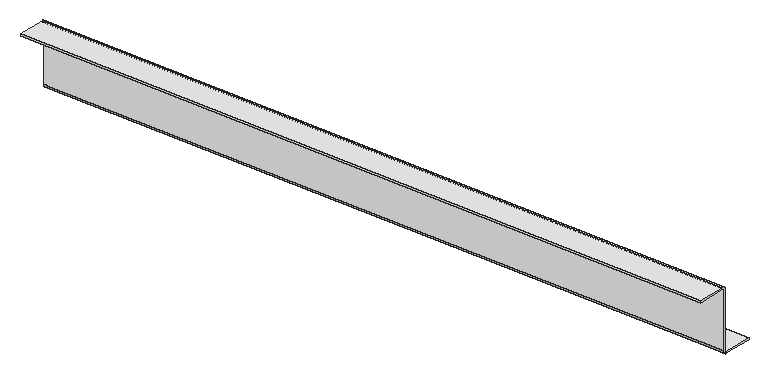
Revit family "Manômetro de luz - Perfis em Z", category Quadro estrutural, Revit 2019
Family settings
  Arredondamento do comprimento do framing estrutural = 1 mm
  Forma do corte = Não definido
  Material para o comportamento do modelo = Aço
  Exportar sempre como geometria = Não
  Sempre na vertical = Sim
  Corte com vazios quando carregada = Não
  Representação simbólica = Das configurações de projeto
  Compartilhado = Não
  Exibir o pré-corte da família na vista da planta = Sim
Parameters (values of type "Z100x50x2.28")
  t = 2.3 mm
  r = R - t  # 2.3 mm
  W = 0.00342
  Comentários de tipos = "GB/T 6723-2008"
  Structural Material [instance] = Aço leve galvaniado
  R = 2 * t  # 4.6 mm
  H = 100 mm
  B = 50 mm
  Código de montagem = "B10"
  Length [instance] = 1500 mm
  A = 436.00 mm²
Reference planes
  plane 1 "Centro (Frente/Trás)": y = 0
  plane 2: z = 0
  plane 3 "Centro (Esquerda/Direita)": x = 0.008
  plane 4 "Membro esquerdo": x = -556.99
  plane 5 "Membro direito": x = 566.21
  plane 6 "Superior": z = 50
  plane 7: z = -50
  plane 8 "Esquerda": x = -757.39
  plane 9 "Direita": x = 742.61
  plane 10: y = -48.85
  plane 11: y = 48.85
  plane 12: z = 47.7
  plane 13: y = -1.15
  plane 14: y = 1.15
  plane 15: z = -47.7
Forms (mm)
  Sweep 1, solid, material "Aço leve galvaniado" <- "Structural Material", detail levels fine
    path origin (0, 0, 0) x (1, 0, 0) y (0, 1, 0)
      loop
        line (-556.99, 0) -> (566.21, 0)
    profile origin (4.61, 0, 0) x (0, 1, 0) y (0, 0, 1)
      loop
        line (-3.45, 50) -> (-48.85, 50) -> (-48.85, 47.7) -> (-3.45, 47.7)
        arc (-3.45, 47.7) -> (-1.824, 47.026) -> (-1.15, 45.4) r 2.3
        line (-1.15, 45.4) -> (-1.15, -45.4)
        arc (-1.15, -45.4) -> (0.197, -48.653) -> (3.45, -50) r 4.6
        line (3.45, -50) -> (48.85, -50) -> (48.85, -47.7) -> (3.45, -47.7)
        arc (3.45, -47.7) -> (1.824, -47.026) -> (1.15, -45.4) r 2.3
        line (1.15, -45.4) -> (1.15, 45.4)
        arc (1.15, 45.4) -> (-0.197, 48.653) -> (-3.45, 50) r 4.6
  Sweep 2, solid, material "Aço leve galvaniado" <- "Structural Material", detail levels medium
    path origin (0, 0, 0) x (1, 0, 0) y (0, 1, 0)
      loop
        line (-556.99, 0) -> (566.21, 0)
    profile origin (4.61, 0, 0) x (0, 1, 0) y (0, 0, 1)
      loop
        line (1.15, 50) -> (-48.85, 50) -> (-48.85, 47.7) -> (-1.15, 47.7) -> (-1.15, -50) -> (48.85, -50) -> (48.85, -47.7) -> (1.15, -47.7) -> (1.15, 50)
Lines and regions (mm)
  symbolic lines, style "Faces ocultas", detail levels medium+fine
    curve 1: line (-556.99, 4.763, 47.7) -> (566.21, 4.763, 47.7)
    curve 2: line (-556.99, 4.763, -47.7) -> (566.21, 4.763, -47.7)
    curve 6: line (-556.99, 1.15, 0) -> (566.21, 1.15, 0)
    curve 7: line (-556.99, -1.15, 0) -> (566.21, -1.15, 0)
  symbolic lines, style "Símbolos de vara", detail levels coarse
    curve 3: line (-757.39, 48.85, -50) -> (-757.39, 0, -50)
    curve 4: line (-757.39, 0, -50) -> (-757.39, 0, 50)
    curve 5: line (-757.39, 0, 50) -> (-757.39, -48.85, 50)
Dimensions and locks
  "Length": plane 8 "Esquerda" to plane 9 "Direita"
  "H": plane 7 to plane 6 "Superior"
  equal spacing: plane 7, level, plane 6 "Superior"
  "t": plane 6 "Superior" to plane 12
  "t": plane 14 to plane 13
  "t": plane 15 to plane 7
  equal spacing: plane 14, plane 1 "Centro (Frente/Trás)", plane 13
  "B": plane 11 to plane 13
  "B": plane 14 to plane 10
  "r": radius of Sweep 1 sketch curve  (x2)
  "R": radius of Sweep 1 sketch curve  (x2)
  aligned and locked: level to plane 2
  aligned and locked: plane 6 "Superior" to curve 5
  aligned and locked: plane 1 "Centro (Frente/Trás)" to curve 4
  aligned and locked: plane 7 to curve 3
  aligned and locked: plane 14 to curve 6
  aligned and locked: plane 13 to curve 7
  aligned and locked: plane 1 "Centro (Frente/Trás)" to Sweep 1 sketch curve
  aligned and locked: plane 12 to Sweep 1 sketch curve
  aligned and locked: plane 6 "Superior" to Sweep 1 sketch curve
  aligned and locked: plane 14 to Sweep 1 sketch curve
  aligned and locked: Sweep 1 sketch curve to plane 13
  aligned and locked: Sweep 1 sketch curve to plane 7
  aligned and locked: Sweep 1 sketch curve to plane 15
  aligned and locked: plane 1 "Centro (Frente/Trás)" to Sweep 2 sketch curve
  aligned and locked: plane 6 "Superior" to Sweep 2 sketch curve
  aligned and locked: plane 14 to Sweep 2 sketch curve
  aligned and locked: Sweep 2 sketch curve to plane 13
  aligned and locked: plane 12 to Sweep 2 sketch curve
  aligned and locked: Sweep 2 sketch curve to plane 15
  aligned and locked: Sweep 2 sketch curve to plane 7
  aligned and locked: curve 1 to plane 12
  aligned and locked: curve 2 to plane 15
  aligned and locked: Sweep 2 sketch curve to plane 10
  aligned and locked: plane 11 to Sweep 2 sketch curve
  aligned and locked: Sweep 1 sketch curve to Sweep 2  (x2)
  aligned and locked: plane 11 to curve 3
  aligned and locked: plane 10 to curve 5
  aligned and locked: plane 4 "Membro esquerdo" to Sweep 1 sketch curve
  aligned and locked: plane 5 "Membro direito" to Sweep 1 sketch curve
  aligned and locked: plane 4 "Membro esquerdo" to Sweep 2 sketch curve
  aligned and locked: plane 5 "Membro direito" to Sweep 2 sketch curve
  aligned and locked: plane 4 "Membro esquerdo" to curve 1
  aligned and locked: plane 5 "Membro direito" to curve 1
  aligned and locked: plane 4 "Membro esquerdo" to curve 2
  aligned and locked: plane 5 "Membro direito" to curve 2
  aligned and locked: plane 4 "Membro esquerdo" to curve 6
  aligned and locked: plane 5 "Membro direito" to curve 6
  aligned and locked: plane 4 "Membro esquerdo" to curve 7
  aligned and locked: plane 5 "Membro direito" to curve 7
Types in the file's own list only (56): name | t | r | W | R | H | B | A
  Z50x25x1.52 | 2 mm | 2 mm | 0.00112 | 3 mm | 50 mm | 25 mm | 143.00 mm²
  Z50x25x1.90 | 2 mm | 2 mm | 0.00138 | 4 mm | 50 mm | 25 mm | 176.00 mm²
  Z50x25x2.28 | 2 mm | 2 mm | 0.00163 | 5 mm | 50 mm | 25 mm | 208.00 mm²
  Z50x25x2.66 | 3 mm | 3 mm | 0.00187 | 5 mm | 50 mm | 25 mm | 238.00 mm²
  Z50x25x3.04 | 3 mm | 3 mm | 0.0021 | 6 mm | 50 mm | 25 mm | 268.00 mm²
  Z75x40x1.52 | 2 mm | 2 mm | 0.00178 | 3 mm | 75 mm | 40 mm | 227.00 mm²
  Z75x40x1.90 | 2 mm | 2 mm | 0.0022 | 4 mm | 75 mm | 40 mm | 280.00 mm²
  Z75x40x2.28 | 2 mm | 2 mm | 0.00261 | 5 mm | 75 mm | 40 mm | 333.00 mm²
  Z75x40x2.66 | 3 mm | 3 mm | 0.00302 | 5 mm | 75 mm | 40 mm | 385.00 mm²
  Z75x40x3.04 | 3 mm | 3 mm | 0.00342 | 6 mm | 75 mm | 40 mm | 435.00 mm²
  Z75x40x3.42 | 3 mm | 3 mm | 0.0038 | 7 mm | 75 mm | 40 mm | 484.00 mm²
  Z75x40x3.80 | 4 mm | 4 mm | 0.00418 | 8 mm | 75 mm | 40 mm | 532.00 mm²
  Z75x40x4.18 | 4 mm | 4 mm | 0.00455 | 8 mm | 75 mm | 40 mm | 579.00 mm²
  Z75x40x4.76 | 5 mm | 5 mm | 0.00509 | 10 mm | 75 mm | 40 mm | 649.00 mm²
  Z100x40x1.52 | 2 mm | 2 mm | 0.00208 | 3 mm | 100 mm | 40 mm | 265.00 mm²
  Z100x40x1.90 | 2 mm | 2 mm | 0.00257 | 4 mm | 100 mm | 40 mm | 328.00 mm²
  Z100x40x2.28 | 2 mm | 2 mm | 0.00306 | 5 mm | 100 mm | 40 mm | 390.00 mm²
  Z100x40x2.66 | 3 mm | 3 mm | 0.00354 | 5 mm | 100 mm | 40 mm | 451.00 mm²
  Z100x40x3.04 | 3 mm | 3 mm | 0.00401 | 6 mm | 100 mm | 40 mm | 511.00 mm²
  Z100x40x3.42 | 3 mm | 3 mm | 0.00447 | 7 mm | 100 mm | 40 mm | 570.00 mm²
  Z100x40x3.80 | 4 mm | 4 mm | 0.00492 | 8 mm | 100 mm | 40 mm | 627.00 mm²
  Z100x40x4.18 | 4 mm | 4 mm | 0.00537 | 8 mm | 100 mm | 40 mm | 684.00 mm²
  Z100x40x4.76 | 5 mm | 5 mm | 0.00603 | 10 mm | 100 mm | 40 mm | 768.00 mm²
  Z100x50x1.52 | 2 mm | 2 mm | 0.00232 | 3 mm | 100 mm | 50 mm | 295.00 mm²
  Z100x50x1.90 | 2 mm | 2 mm | 0.00287 | 4 mm | 100 mm | 50 mm | 366.00 mm²
  Z100x50x2.66 | 3 mm | 3 mm | 0.00396 | 5 mm | 100 mm | 50 mm | 504.00 mm²
  Z100x50x3.04 | 3 mm | 3 mm | 0.00449 | 6 mm | 100 mm | 50 mm | 572.00 mm²
  Z100x50x3.42 | 3 mm | 3 mm | 0.00501 | 7 mm | 100 mm | 50 mm | 638.00 mm²
  Z100x50x3.80 | 4 mm | 4 mm | 0.00552 | 8 mm | 100 mm | 50 mm | 703.00 mm²
  Z100x50x4.18 | 4 mm | 4 mm | 0.00602 | 8 mm | 100 mm | 50 mm | 767.00 mm²
  Z100x50x4.76 | 5 mm | 5 mm | 0.00678 | 10 mm | 100 mm | 50 mm | 863.00 mm²
  Z127x50x1.52 | 2 mm | 2 mm | 0.00264 | 3 mm | 127 mm | 50 mm | 336.00 mm²
  Z127x50x1.90 | 2 mm | 2 mm | 0.00328 | 4 mm | 127 mm | 50 mm | 417.00 mm²
  Z127x50x2.28 | 2 mm | 2 mm | 0.0039 | 5 mm | 127 mm | 50 mm | 497.00 mm²
  Z127x50x2.66 | 3 mm | 3 mm | 0.00452 | 5 mm | 127 mm | 50 mm | 576.00 mm²
  Z127x50x3.04 | 3 mm | 3 mm | 0.00513 | 6 mm | 127 mm | 50 mm | 654.00 mm²
  Z127x50x3.42 | 3 mm | 3 mm | 0.00573 | 7 mm | 127 mm | 50 mm | 731.00 mm²
  Z127x50x3.80 | 4 mm | 4 mm | 0.00633 | 8 mm | 127 mm | 50 mm | 806.00 mm²
  Z127x50x4.18 | 4 mm | 4 mm | 0.00691 | 8 mm | 127 mm | 50 mm | 880.00 mm²
  Z127x50x4.76 | 5 mm | 5 mm | 0.00778 | 10 mm | 127 mm | 50 mm | 992.00 mm²
  Z150x50x1.90 | 2 mm | 2 mm | 0.00362 | 4 mm | 150 mm | 50 mm | 461.00 mm²
  Z150x50x2.28 | 2 mm | 2 mm | 0.00431 | 5 mm | 150 mm | 50 mm | 550.00 mm²
  Z150x50x2.66 | 3 mm | 3 mm | 0.005 | 5 mm | 150 mm | 50 mm | 637.00 mm²
  Z150x50x3.04 | 3 mm | 3 mm | 0.00568 | 6 mm | 150 mm | 50 mm | 724.00 mm²
  Z150x50x3.42 | 3 mm | 3 mm | 0.00635 | 7 mm | 150 mm | 50 mm | 809.00 mm²
  Z150x50x3.80 | 4 mm | 4 mm | 0.00701 | 8 mm | 150 mm | 50 mm | 893.00 mm²
  Z150x50x4.18 | 4 mm | 4 mm | 0.00766 | 8 mm | 150 mm | 50 mm | 976.00 mm²
  Z150x50x4.76 | 5 mm | 5 mm | 0.00864 | 10 mm | 150 mm | 50 mm | 1101.00 mm²
  Z200x50x1.90 | 2 mm | 2 mm | 0.00436 | 4 mm | 200 mm | 50 mm | 556.00 mm²
  Z200x50x2.28 | 2 mm | 2 mm | 0.00521 | 5 mm | 200 mm | 50 mm | 664.00 mm²
  Z200x50x2.66 | 3 mm | 3 mm | 0.00605 | 5 mm | 200 mm | 50 mm | 770.00 mm²
  Z200x50x3.04 | 3 mm | 3 mm | 0.00688 | 6 mm | 200 mm | 50 mm | 876.00 mm²
  Z200x50x3.42 | 3 mm | 3 mm | 0.00769 | 7 mm | 200 mm | 50 mm | 980.00 mm²
  Z200x50x3.80 | 4 mm | 4 mm | 0.0085 | 8 mm | 200 mm | 50 mm | 1083.00 mm²
  Z200x50x4.18 | 4 mm | 4 mm | 0.00931 | 8 mm | 200 mm | 50 mm | 1185.00 mm²
  Z200x50x4.76 | 5 mm | 5 mm | 0.01051 | 10 mm | 200 mm | 50 mm | 1339.00 mm²
